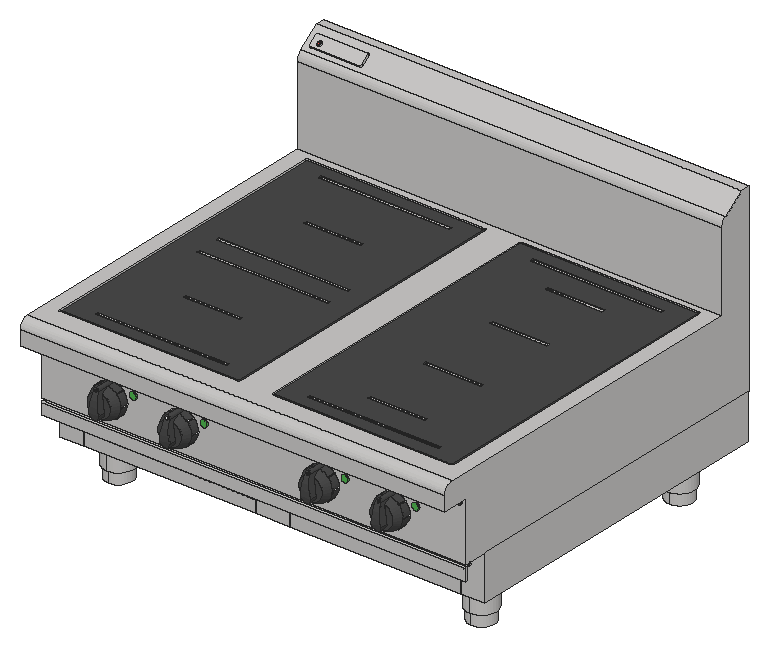
Revit family "QF_Moffat_IN8400R5F-B_Induction Cooktop_cat", category Specialty Equipment, Revit 2019 (continued)
Definition of nested family "Knob"
  Forms (mm)
    Extrusion 2, solid
      sketch origin (32.5, 175.397, 1219.2) x (0, 1, 0) y (0, 0, 1)
        loop
          arc (-224.105, -1149.7) -> (-233.965, -1178.467) -> (-230.696, -1208.7) r 70
          line (-230.696, -1208.7) -> (-219.397, -1208.7) -> (-219.397, -1161.899) -> (-202.106, -1154.2)
      from -15 to 15
    Extrusion 3, void
      sketch origin (0, 0, 0) x (1, 0, 0) y (0, 0, 1)
        loop
          line (27.501, 64.613) -> (22.02, 20.585)
          arc (22.02, 20.585) -> (32.792, 10.488) -> (42.986, 21.169) r 10.487
          line (42.986, 21.169) -> (37.499, 64.613)
          arc (37.499, 64.613) -> (32.5, 69.5) -> (27.501, 64.613) r 5
        loop
          line (10, 72.977) -> (10, 5.625) -> (55, 5.625) -> (55, 72.977) -> (10, 72.977)
      from 6.142 to 69.687
    Extrusion 4, solid
      sketch origin (0, -34.115, -16.916) x (1, 0, 0) y (0, 0.45399, 0.891007)
        loop
          circle (32.497, 65) r 2
      from 51.525 to 53.075
    Extrusion 5, solid
      sketch origin (32.5, -10, 32.5) x (0, 0, -1) y (-1, 0, 0)
        loop
          line (-23.54, -22.408) -> (-24.106, -22.974)
          arc (-24.106, -22.974) -> (-23.547, -23.547) -> (-22.974, -24.106) r 33.3
          line (-22.974, -24.106) -> (-22.408, -23.54)
          arc (-22.408, -23.54) -> (-22.981, -22.981) -> (-23.54, -22.408) r 32.5
        loop
          arc (-0.8, -33.29) -> (0, -33.3) -> (0.8, -33.29) r 33.3
          line (0.8, -33.29) -> (0.8, -32.49)
          arc (0.8, -32.49) -> (0, -32.5) -> (-0.8, -32.49) r 32.5
          line (-0.8, -32.49) -> (-0.8, -33.29)
        loop
          arc (23.54, -22.408) -> (22.981, -22.981) -> (22.408, -23.54) r 32.5
          line (22.408, -23.54) -> (22.974, -24.106)
          arc (22.974, -24.106) -> (23.547, -23.547) -> (24.106, -22.974) r 33.3
          line (24.106, -22.974) -> (23.54, -22.408)
        loop
          arc (-23.54, 22.408) -> (-22.981, 22.981) -> (-22.408, 23.54) r 32.5
          line (-22.408, 23.54) -> (-22.974, 24.106)
          arc (-22.974, 24.106) -> (-23.547, 23.547) -> (-24.106, 22.974) r 33.3
          line (-24.106, 22.974) -> (-23.54, 22.408)
        loop
          line (-0.8, 33.29) -> (-0.8, 32.49)
          arc (-0.8, 32.49) -> (0, 32.5) -> (0.8, 32.49) r 32.5
          line (0.8, 32.49) -> (0.8, 33.29)
          arc (0.8, 33.29) -> (0, 33.3) -> (-0.8, 33.29) r 33.3
        loop
          line (32.49, -0.8) -> (33.29, -0.8)
          arc (33.29, -0.8) -> (33.3, 0) -> (33.29, 0.8) r 33.3
          line (33.29, 0.8) -> (32.49, 0.8)
          arc (32.49, 0.8) -> (32.5, 0) -> (32.49, -0.8) r 32.5
        loop
          arc (24.106, 22.974) -> (23.547, 23.547) -> (22.974, 24.106) r 33.3
          line (22.974, 24.106) -> (22.408, 23.54)
          arc (22.408, 23.54) -> (22.981, 22.981) -> (23.54, 22.408) r 32.5
          line (23.54, 22.408) -> (24.106, 22.974)
      from 0 to -16.709
  Cuts and joins
    Extrusion 3 cuts Extrusion 2
  Dimensions and locks
    equal spacing: plane 3 "LEFT", plane 7 "Center Y", plane 4 "RIGHT"
    "Length": plane 3 "LEFT" to plane 4 "RIGHT"
    equal spacing: plane 5 "FRONT", plane 8 "Center X", plane 1 "BACK"
    "Depth": plane 5 "FRONT" to plane 1 "BACK"
    "Height": plane 6 "TOP" to level
    plane 4 "RIGHT" to plane 3 "LEFT" = 65 mm
    aligned and locked: level to plane 2
  Automatic sketch dimensions
    Revolve 1 sketch curve to level = 0 mm
    Revolve 1 sketch curve to plane 1 "BACK" = 0 mm  (x2)
    plane 1 "BACK" to Revolve 1 sketch curve = 10 mm
    plane 8 "Center X" to Revolve 1 sketch curve = 2.791 mm
    Revolve 1 sketch curve to plane 8 "Center X" = 14.5 mm
    level to Revolve 1 sketch curve = 7.699 mm
    level to Revolve 1 sketch curve = 27.5 mm
    Revolve 1 sketch curve to Revolve 1 sketch curve = 5 mm
    Revolve 1 sketch curve to Revolve 1 sketch curve = 35 mm
    Revolve 1 sketch curve to Revolve 1 sketch curve = 0 mm
    Extrusion 2 sketch curve to plane 6 "TOP" = 0 mm
    Extrusion 2 sketch curve to plane 5 "FRONT" = 3.702 mm
    Extrusion 2 sketch curve to plane 5 "FRONT" = 10.293 mm
    Extrusion 2 sketch curve to Extrusion 2 sketch curve = 11.298 mm
    plane 8 "Center X" to Extrusion 2 sketch curve = 2.791 mm
    plane 1 "BACK" to Extrusion 2 sketch curve = 10 mm
    Extrusion 2 sketch curve to plane 1 "BACK" = 11 mm
    Extrusion 2 sketch curve to plane 6 "TOP" = 4.5 mm
    Extrusion 2 sketch curve to plane 6 "TOP" = 12.199 mm
    level to Extrusion 2 sketch curve = 32.962 mm
    level to Extrusion 3 sketch curve = 5.625 mm
    Extrusion 3 sketch curve to plane 7 "Center Y" = 0 mm  (x2)
    Extrusion 3 sketch curve to plane 7 "Center Y" = 4.999 mm
    Extrusion 3 sketch curve to plane 7 "Center Y" = 10.48 mm
    plane 6 "TOP" to Extrusion 3 sketch curve = 3.477 mm
    plane 3 "LEFT" to Extrusion 3 sketch curve = 10 mm
    Extrusion 3 sketch curve to plane 6 "TOP" = 4.887 mm
    Extrusion 3 sketch curve to Extrusion 3 sketch curve = 4.999 mm
    plane 7 "Center Y" to Extrusion 3 sketch curve = 10.486 mm
    level to Extrusion 3 sketch curve = 20.585 mm
    Extrusion 3 sketch curve to Extrusion 3 sketch curve = 0.387 mm
    Extrusion 3 sketch curve to Extrusion 3 sketch curve = 0.113 mm
    plane 4 "RIGHT" to Extrusion 3 sketch curve = 10 mm
    Extrusion 5 sketch curve to Revolve 1 = 32.49 mm
    Revolve 1 to Extrusion 5 sketch curve = 32.49 mm
    Extrusion 5 sketch curve to Revolve 1 = 23.54 mm  (x2)
    Revolve 1 to Extrusion 5 sketch curve = 23.54 mm  (x2)
    Extrusion 5 sketch curve to Revolve 1 = 24.106 mm  (x2)
    Revolve 1 to Extrusion 5 sketch curve = 24.106 mm  (x2)
    Revolve 1 to Extrusion 5 sketch curve = 22.408 mm  (x2)
    Extrusion 5 sketch curve to Revolve 1 = 22.408 mm  (x2)
    Revolve 1 to Extrusion 5 sketch curve = 22.974 mm  (x2)
    Extrusion 5 sketch curve to Revolve 1 = 22.974 mm  (x2)
    Extrusion 5 sketch curve to Extrusion 5 sketch curve = 1.6 mm  (x2)
    Revolve 1 to Extrusion 5 sketch curve = 0.8 mm
    Extrusion 5 sketch curve to Revolve 1 = 0.8 mm
    Extrusion 4 sketch curve to plane 7 "Center Y" = 0.003 mm
    radius of Extrusion 5 sketch curve to Revolve 1 = 0 mm  (x7)
    radius of Revolve 1 to Extrusion 5 sketch curve = 0.8 mm  (x7)
    radius of Extrusion 4 sketch curve = 2 mm
Types (2, lengths in mm): name | Volts | Model | Cycle | Apparent Power
  INB8400R5F-B_415/60/3 | 415 V | "IN8400R5F-B" | 60 Hz | 20102.6 VA
  INB8400R5F-B_400/50/3 | 400 V | "INB8400R5F-B" | 50 Hz | 19376 VA
